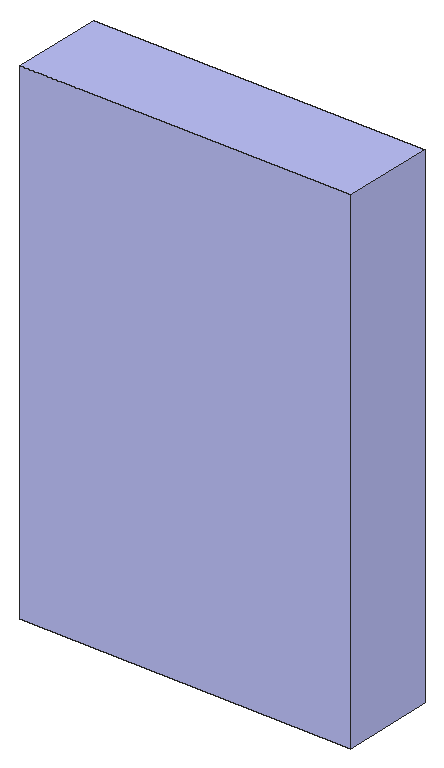
Revit family "501_ЗИ_Отверстие_Прямоугольное_Стена_(Об)", category Оборудование, Revit 2020
Family settings
  Размер круглого соединителя = Использовать диаметр
  Классификация = Нет
  Тип детали = Нормальный
  На основе рабочей плоскости = Нет
  Всегда вертикально = Да
  При загрузке вырезать с полостями = Нет
  Общий = Нет
  Точка расчета площади = Нет
Parameters (values of type "ВК")
  Отметка по умолчанию = 0 mm
  Материал = КП_ЗИ_ВК
  Ключевая пометка = "501_MEP"  # constant formula
  КП_Р_Ширина [instance] = Ширина + Расширение границ * 2  # 1000 mm
  Рзм.ТолщинаОсновы [instance] = 280 mm
  КП_Р_Высота [instance] = Высота + Расширение границ * 2  # 1500 mm
  КП_О_Марка = "ВК"
  КП_О_Версия семейства = "2.2"  # constant formula
  КП_О_Версия Revit = "2020"  # constant formula
  КП_О_URL техническое описание [instance] = "http://moodle/mod/book/view.php?id=503&chapterid=1235"
  КП_И_Включение в спецификацию = 0 = 1  # no
  Заливка цветом = Заливка Цветная Прямоугольное Отверстие : Синий
  SYS_YES = 1 = 1  # yes
  Ширина [instance] = 1000 mm
  Расширение границ [instance] = 0 mm
  Описание = "Для плагина «Менеджер отверстий»"  # constant formula
  Type Comments = " "
  Группа модели = "Задание на прямоугольное отверстие в стене"  # constant formula
  SYS_OFFSET_UP [instance] = 750 mm
  SYS_OFFSET_DOWN [instance] = 750 mm
  SYS_NO = 1 = 0  # no
  Высота [instance] = 1500 mm
  00_Отметка_Относительная [instance] = ""
  00_Отметка_Абсолютная [instance] = ""
Types (5, lengths in mm): name | Материал | КП_О_Марка | Заливка цветом | SYS_OFFSET_UP | SYS_OFFSET_DOWN
  ОВ | КП_ЗИ_ОВ | "ОВ" | Заливка Цветная Прямоугольное Отверстие : Желтый | 0 | 0
  ВК | КП_ЗИ_ВК | "ВК" | Заливка Цветная Прямоугольное Отверстие : Синий | 750 | 750
  ЭОМ | КП_ЗИ_ЭОМ | "ЭОМ" | Заливка Цветная Прямоугольное Отверстие : Красный | 0 | 0
  СС | КП_ЗИ_СС | "СС" | Заливка Цветная Прямоугольное Отверстие : Зеленый | 0 | 0
  АУПТ | КП_ЗИ_АУПТ | "АУПТ" | Заливка Цветная Прямоугольное Отверстие : Фиолетовый | 0 | 0
Reference planes
  plane 1 "Центр (Вперед/Назад)": y = 0
  plane 2: z = 0
  plane 3 "Центр (Влево/Вправо)": x = 0
  plane 4 "Назад": y = 140
  plane 5 "Вперед": y = -140
  plane 6: x = -500
  plane 7 "Верх": z = 750
  plane 8: x = 500
  plane 9: z = -1500
  plane 10: z = 1500
  plane 11 "Низ": z = -750
Forms (mm)
  Extrusion 1, solid, material "КП_ЗИ_ВК" <- "Материал"
    sketch origin (-606.998, -140, 1200) x (-1, 0, 0) y (0, 0, 1)
      loop
        line (-106.998, -450) -> (-1106.998, -450) -> (-1106.998, -1950) -> (-106.998, -1950) -> (-106.998, -450)
    from 0 to 280
Lines and regions (mm)
  model lines, style "Обмен заданиями"
    curve 1: line (0, 140, 750) -> (0, -140, 750)
    curve 2: line (0, 140, -750) -> (0, -140, -750)
    curve 3: line (0, 0, 1500) -> (0, 0, -1500)
Dimensions and locks
  "Рзм.ТолщинаОсновы": plane 4 "Назад" to plane 5 "Вперед"
  equal spacing: plane 4 "Назад", plane 1 "Центр (Вперед/Назад)", plane 5 "Вперед"
  equal spacing: plane 7 "Верх", level, plane 11 "Низ"
  "КП_Р_Высота": plane 7 "Верх" to plane 11 "Низ"
  equal spacing: plane 8, plane 3 "Центр (Влево/Вправо)", plane 6
  "КП_Р_Ширина": plane 8 to plane 6
  "SYS_OFFSET_UP": plane 10 to plane 7 "Верх"
  "SYS_OFFSET_DOWN": plane 11 "Низ" to plane 9
  aligned and locked: level to plane 2
  aligned and locked: Extrusion 1 sketch curve to plane 6
  aligned and locked: plane 8 to Extrusion 1 sketch curve
  aligned and locked: Extrusion 1 sketch curve to plane 7 "Верх"
  aligned and locked: plane 3 "Центр (Влево/Вправо)" to nested 1
  aligned and locked: plane 1 "Центр (Вперед/Назад)" to nested 1
  aligned and locked: nested 2 to plane 3 "Центр (Влево/Вправо)"
  aligned and locked: Extrusion 1 to plane 11 "Низ"
  aligned and locked: nested 2 to level
  aligned and locked: plane 4 "Назад" to Extrusion 1
  aligned and locked: Extrusion 1 to plane 5 "Вперед"
  aligned and locked: plane 4 "Назад" to curve 1
  aligned and locked: plane 5 "Вперед" to curve 1
  aligned and locked: plane 5 "Вперед" to curve 2
  aligned and locked: plane 4 "Назад" to curve 2
  aligned and locked: plane 9 to curve 3
  aligned and locked: plane 10 to curve 3
Automatic sketch dimensions
  Extrusion 1 sketch curve to level = 750 mm
  curve 1 to plane 3 "Центр (Влево/Вправо)" = 0 mm
  curve 2 to plane 3 "Центр (Влево/Вправо)" = 0 mm
  plane 3 "Центр (Влево/Вправо)" to curve 3 = 0 mm
Nested families
  nested 1: "Заливка Цветная Прямоугольное Отверстие" at (0, 0, 0), L <- "КП_Р_Ширина", W <- "Рзм.ТолщинаОсновы", План <- "SYS_YES", type <- "Заливка цветом", type "Синий"
    with Черный (план) no, Фиолетовый (план) no, Синий (план) yes, План yes, Оранжевый (план) no, Красный (план) no, Зеленый (план) no, Желтый (план) no, Голубой (план) no, W 280 mm, L 1000 mm, AW 50 mm, AL 50 mm
  nested 2: "Заливка Цветная Прямоугольное Отверстие" at (0, 0, 0) x (1, 0, 0) z (0, -1, 0), План <- "SYS_NO", W <- "КП_Р_Высота", L <- "КП_Р_Ширина", type <- "Заливка цветом", type "Синий"
    with Черный (план) no, Фиолетовый (план) no, Синий (план) no, План no, Оранжевый (план) no, Красный (план) no, Зеленый (план) no, Желтый (план) no, Голубой (план) no, W 1500 mm, L 1000 mm, AW 100 mm, AL 100 mm
Definition of nested family "Заливка Цветная Прямоугольное Отверстие"
  Parameters (values of type "Зеленый")
    Черный (план) [instance] = and(Черный, План)  # no
    Черный = no
    Фиолетовый (план) [instance] = and(Фиолетовый, План)  # no
    Фиолетовый = no
    Синий (план) [instance] = and(Синий, План)  # no
    Синий = no
    План [instance] = yes
    Оранжевый (план) [instance] = and(Оранжевый, План)  # no
    Оранжевый = no
    Красный (план) [instance] = and(Красный, План)  # no
    Красный = no
    Зеленый (план) [instance] = and(Зеленый, План)  # yes
    Зеленый = yes
    Желтый (план) [instance] = and(Желтый, План)  # no
    Желтый = no
    Голубой (план) [instance] = and(Голубой, План)  # no
    Голубой = no
    L [instance] = 400 mm
    W [instance] = 200 mm
    AW [instance] = if(and(L > 500 mm, W > 500 mm), 100 mm, if(and(L < 200 mm, W < 200 mm), 25 mm, 50 mm))  # 50 mm
    AL [instance] = if(and(L > 500 mm, W > 500 mm), 100 mm, if(and(L < 200 mm, W < 200 mm), 25 mm, 50 mm))  # 50 mm
  Types (8, lengths in mm): name | Черный (план) | Черный | Фиолетовый (план) | Фиолетовый | Синий (план) | Синий | Оранжевый (план) | Оранжевый | Красный (план) | Красный | Зеленый (план) | Зеленый | Желтый (план) | Желтый | Голубой (план) | Голубой
    Красный | no | no | no | no | no | no | no | no | yes | yes | no | no | no | no | no | no
    Желтый | no | no | no | no | no | no | no | no | no | no | no | no | yes | yes | no | no
    Оранжевый | no | no | no | no | no | no | yes | yes | no | no | no | no | no | no | no | no
    Голубой | no | no | no | no | no | no | no | no | no | no | no | no | no | no | yes | yes
    Синий | no | no | no | no | yes | yes | no | no | no | no | no | no | no | no | no | no
    Фиолетовый | no | no | yes | yes | no | no | no | no | no | no | no | no | no | no | no | no
    Черный | yes | yes | no | no | no | no | no | no | no | no | no | no | no | no | no | no
    Зеленый | no | no | no | no | no | no | no | no | no | no | yes | yes | no | no | no | no
  Reference planes
    plane 1 "По центру (Вперед/Назад)": y = 0
    plane 2: z = 0
    plane 3 "По центру (Влево/Вправо)": x = 0
    plane 4: x = 200
    plane 5: x = -200
    plane 6: y = 100
    plane 7: y = -100
    plane 8: y = 50
    plane 9: x = -150
  Lines and regions (mm)
    Filled region 1, type "Черный", in view "Опорный уровень", visible <- "Черный"
      outline origin (0, 0, 0) x (1, 0, 0) y (0, 1, 0)
        loop
          line (-200, 100) -> (-200, -100) -> (-150, 50) -> (200, 100) -> (-200, 100)
    Filled region 2, type "Голубой", in view "Опорный уровень", visible <- "Голубой"
      outline origin (0, 0, 0) x (1, 0, 0) y (0, 1, 0)
        loop
          line (-200, 100) -> (-200, -100) -> (-150, 50) -> (200, 100) -> (-200, 100)
    Filled region 3, type "Желтый", in view "Опорный уровень", visible <- "Желтый"
      outline origin (0, 0, 0) x (1, 0, 0) y (0, 1, 0)
        loop
          line (-200, 100) -> (-200, -100) -> (-150, 50) -> (200, 100) -> (-200, 100)
    Filled region 4, type "Зеленый", in view "Опорный уровень", visible <- "Зеленый"
      outline origin (0, 0, 0) x (1, 0, 0) y (0, 1, 0)
        loop
          line (-200, 100) -> (-200, -100) -> (-150, 50) -> (200, 100) -> (-200, 100)
    Filled region 5, type "Красный", in view "Опорный уровень", visible <- "Красный"
      outline origin (0, 0, 0) x (1, 0, 0) y (0, 1, 0)
        loop
          line (-200, 100) -> (-200, -100) -> (-150, 50) -> (200, 100) -> (-200, 100)
    Filled region 6, type "Оранжевый", in view "Опорный уровень", visible <- "Оранжевый"
      outline origin (0, 0, 0) x (1, 0, 0) y (0, 1, 0)
        loop
          line (-200, 100) -> (-200, -100) -> (-150, 50) -> (200, 100) -> (-200, 100)
    Filled region 7, type "Синий", in view "Опорный уровень", visible <- "Синий"
      outline origin (0, 0, 0) x (1, 0, 0) y (0, 1, 0)
        loop
          line (-200, 100) -> (-200, -100) -> (-150, 50) -> (200, 100) -> (-200, 100)
    Filled region 8, type "Фиолетовый", in view "Опорный уровень", visible <- "Фиолетовый"
      outline origin (0, 0, 0) x (1, 0, 0) y (0, 1, 0)
        loop
          line (-200, 100) -> (-200, -100) -> (-150, 50) -> (200, 100) -> (-200, 100)
    Filled region 9, type "Черный", in view "Опорный уровень", visible <- "Черный (план)"
      outline origin (630.409, -492.529, 0) x (1, 0, 0) y (0, 1, 0)
        loop
          line (-780.409, 542.529) -> (-830.409, 392.529) -> (-430.409, 392.529) -> (-430.409, 592.529) -> (-780.409, 542.529)
    Filled region 10, type "Голубой", in view "Опорный уровень", visible <- "Голубой (план)"
      outline origin (520, -360, 0) x (1, 0, 0) y (0, 1, 0)
        loop
          line (-670, 410) -> (-720, 260) -> (-320, 260) -> (-320, 460) -> (-670, 410)
    Filled region 11, type "Желтый", in view "Опорный уровень", visible <- "Желтый (план)"
      outline origin (500, -320, 0) x (1, 0, 0) y (0, 1, 0)
        loop
          line (-300, 420) -> (-650, 370) -> (-700, 220) -> (-300, 220) -> (-300, 420)
    Filled region 12, type "Зеленый", in view "Опорный уровень", visible <- "Зеленый (план)"
      outline origin (630.409, -492.529, 0) x (1, 0, 0) y (0, 1, 0)
        loop
          line (-430.409, 592.529) -> (-780.409, 542.529) -> (-830.409, 392.529) -> (-430.409, 392.529) -> (-430.409, 592.529)
    Filled region 13, type "Красный", in view "Опорный уровень", visible <- "Красный (план)"
      outline origin (630.409, -492.529, 0) x (1, 0, 0) y (0, 1, 0)
        loop
          line (-780.409, 542.529) -> (-830.409, 392.529) -> (-430.409, 392.529) -> (-430.409, 592.529) -> (-780.409, 542.529)
    Filled region 14, type "Оранжевый", in view "Опорный уровень", visible <- "Оранжевый (план)"
      outline origin (630.409, -492.529, 0) x (1, 0, 0) y (0, 1, 0)
        loop
          line (-830.409, 392.529) -> (-430.409, 392.529) -> (-430.409, 592.529) -> (-780.409, 542.529) -> (-830.409, 392.529)
    Filled region 15, type "Синий", in view "Опорный уровень", visible <- "Синий (план)"
      outline origin (630.409, -492.529, 0) x (1, 0, 0) y (0, 1, 0)
        loop
          line (-830.409, 392.529) -> (-430.409, 392.529) -> (-430.409, 592.529) -> (-780.409, 542.529) -> (-830.409, 392.529)
    Filled region 16, type "Фиолетовый", in view "Опорный уровень", visible <- "Фиолетовый (план)"
      outline origin (580, -340, 0) x (1, 0, 0) y (0, 1, 0)
        loop
          line (-780, 240) -> (-380, 240) -> (-380, 440) -> (-730, 390) -> (-780, 240)
    detail lines, in view "Опорный уровень"
      curve 1: line (-200, 100, 0) -> (200, 100, 0)
      curve 2: line (-200, -100, 0) -> (-200, 100, 0)
      curve 3: line (200, -100, 0) -> (-200, -100, 0)
      curve 4: line (200, 100, 0) -> (200, -100, 0)
  Dimensions and locks
    equal spacing: plane 5, plane 3 "По центру (Влево/Вправо)", plane 4
    equal spacing: plane 6, plane 1 "По центру (Вперед/Назад)", plane 7
    "W": plane 6 to plane 7
    "L": plane 5 to plane 4
    plane 5 to plane 3 "По центру (Влево/Вправо)" = 200 mm
    "AL": plane 5 to plane 9
    "AW": plane 6 to plane 8
    aligned and locked: plane 5 to Filled region 1 sketch curve
    aligned and locked: plane 6 to Filled region 1 sketch curve
    aligned and locked: Filled region 16 sketch curve to Filled region 8  (x2)
    aligned and locked: Filled region 16 sketch curve to plane 7
    aligned and locked: Filled region 16 sketch curve to plane 4
    aligned and locked: Filled region 15 sketch curve to Filled region 8  (x2)
    aligned and locked: Filled region 15 sketch curve to plane 4
    aligned and locked: Filled region 15 sketch curve to plane 7
    aligned and locked: Filled region 14 sketch curve to Filled region 8  (x2)
    aligned and locked: Filled region 14 sketch curve to plane 4
    aligned and locked: Filled region 14 sketch curve to plane 7
    aligned and locked: Filled region 13 sketch curve to Filled region 8  (x2)
    aligned and locked: Filled region 13 sketch curve to plane 7
    aligned and locked: Filled region 13 sketch curve to plane 4
    aligned and locked: Filled region 12 sketch curve to plane 4
    aligned and locked: Filled region 12 sketch curve to plane 7
    aligned and locked: Filled region 12 sketch curve to Filled region 8  (x2)
    aligned and locked: Filled region 11 sketch curve to plane 4
    aligned and locked: Filled region 11 sketch curve to plane 7
    aligned and locked: Filled region 11 sketch curve to Filled region 8  (x2)
    aligned and locked: Filled region 10 sketch curve to Filled region 8  (x2)
    aligned and locked: Filled region 10 sketch curve to plane 7
    aligned and locked: Filled region 10 sketch curve to plane 4
    aligned and locked: Filled region 9 sketch curve to Filled region 8  (x2)
    aligned and locked: Filled region 9 sketch curve to plane 7
    aligned and locked: Filled region 9 sketch curve to plane 4
    aligned and locked: curve 2 to plane 5
    aligned and locked: plane 7 to curve 3
    aligned and locked: curve 4 to plane 4
    aligned and locked: curve 1 to plane 6
  Automatic sketch dimensions
    Filled region 1 sketch curve to plane 8 = 0 mm
    Filled region 1 sketch curve to plane 9 = 0 mm
    Filled region 1 sketch curve to plane 4 = 0 mm
    Filled region 1 sketch curve to plane 7 = 0 mm
    Filled region 2 sketch curve to plane 5 = 0 mm
    Filled region 2 sketch curve to plane 8 = 0 mm
    Filled region 2 sketch curve to plane 9 = 0 mm
    Filled region 2 sketch curve to plane 4 = 0 mm
    Filled region 2 sketch curve to plane 7 = 0 mm
    Filled region 2 sketch curve to plane 6 = 0 mm
    Filled region 3 sketch curve to plane 5 = 0 mm
    Filled region 3 sketch curve to plane 8 = 0 mm
    Filled region 3 sketch curve to plane 9 = 0 mm
    Filled region 3 sketch curve to plane 4 = 0 mm
    Filled region 3 sketch curve to plane 7 = 0 mm
    Filled region 3 sketch curve to plane 6 = 0 mm
    Filled region 4 sketch curve to plane 5 = 0 mm
    Filled region 4 sketch curve to plane 8 = 0 mm
    Filled region 4 sketch curve to plane 9 = 0 mm
    Filled region 4 sketch curve to plane 4 = 0 mm
    Filled region 4 sketch curve to plane 7 = 0 mm
    Filled region 4 sketch curve to plane 6 = 0 mm
    Filled region 5 sketch curve to plane 5 = 0 mm
    Filled region 5 sketch curve to plane 8 = 0 mm
    Filled region 5 sketch curve to plane 9 = 0 mm
    Filled region 5 sketch curve to plane 4 = 0 mm
    Filled region 5 sketch curve to plane 7 = 0 mm
    Filled region 5 sketch curve to plane 6 = 0 mm
    Filled region 6 sketch curve to plane 5 = 0 mm
    Filled region 6 sketch curve to plane 8 = 0 mm
    Filled region 6 sketch curve to plane 9 = 0 mm
    Filled region 6 sketch curve to plane 4 = 0 mm
    Filled region 6 sketch curve to plane 7 = 0 mm
    Filled region 6 sketch curve to plane 6 = 0 mm
    Filled region 7 sketch curve to plane 5 = 0 mm
    Filled region 7 sketch curve to plane 8 = 0 mm
    Filled region 7 sketch curve to plane 9 = 0 mm
    Filled region 7 sketch curve to plane 4 = 0 mm
    Filled region 7 sketch curve to plane 7 = 0 mm
    Filled region 7 sketch curve to plane 6 = 0 mm
    Filled region 8 sketch curve to plane 5 = 0 mm
    Filled region 8 sketch curve to plane 8 = 0 mm
    Filled region 8 sketch curve to plane 9 = 0 mm
    Filled region 8 sketch curve to plane 4 = 0 mm
    Filled region 8 sketch curve to plane 7 = 0 mm
    Filled region 8 sketch curve to plane 6 = 0 mm
